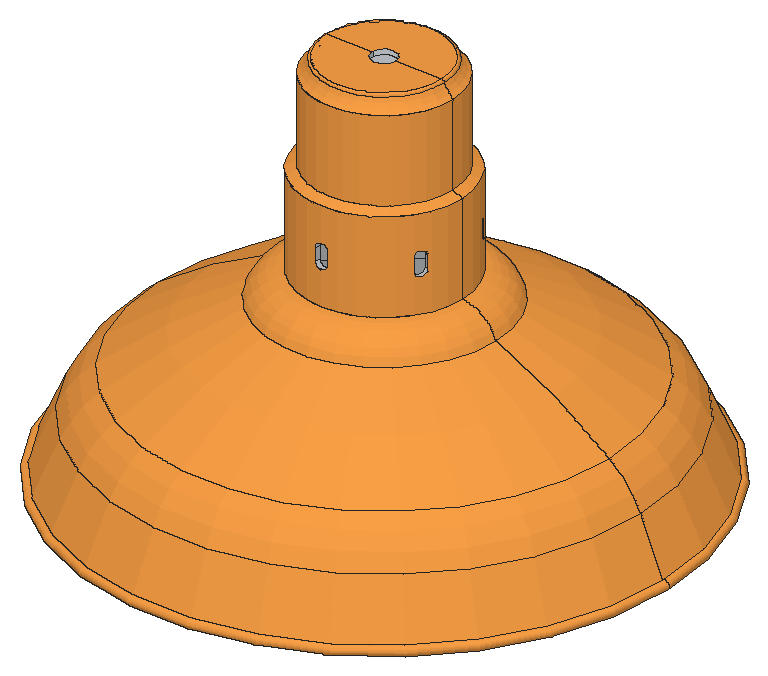
Revit family "V212 SHADE", category Lighting Fixtures, Revit 2024
Family settings
  Round Connector Dimension = Use Diameter
  Part Type = Normal
  OmniClass Number = 23.80.70.00
  OmniClass Title = Lighting
  Work Plane-Based = No
  Always vertical = Yes
  Cut with Voids When Loaded = No
  Light Source = Yes
  Maintain Annotation Orientation = No
  Shared = No
  Room Calculation Point = No
Parameters
  Wattage = 12.1178 W
  built-in parameter 1150110 = 1 (stored number, unit not read)
  built-in parameter 1114217 = 1 (stored number, unit not read)
  built-in parameter 1150109 = 1 (stored number, unit not read)
  built-in parameter 1150134 = (empty or 0)
  built-in parameter 1150113 = 1 (stored number, unit not read)
  Lumens = 1800 lm
  built-in parameter 1150115 = 1 (stored number, unit not read)
  built-in parameter 1150105 = 572.96 (stored number, unit not read)
  Light Source Symbol Size = 2' - 0"
  built-in parameter 1150137 = (empty or 0)
  built-in parameter 1150139 = (empty or 0)
  built-in parameter 1150112 = 1 (stored number, unit not read)
  built-in parameter 1150114 = 1 (stored number, unit not read)
  built-in parameter 1150132 = 2
  built-in parameter 1150102 = (empty or 0)
  built-in parameter 1150138 = (empty or 0)
  built-in parameter 1150107 = 3000 (stored number, unit not read)
  built-in parameter 1150106 = 5.7296 (stored number, unit not read)
  built-in parameter 1150104 = 13.8 (stored number, unit not read)
  Dimming Lamp Color Temperature Shift = (empty or 0)
  Default Elevation = 0' - 0"
  Color Filter = 16777215
  built-in parameter 1114218 = 1 (stored number, unit not read)
  built-in parameter 1150133 = 10 (stored number, unit not read)
Reference planes (in)
  plane 1 "Light Source Axis (F/B)": y = 0
  plane 2: z = 0
  plane 3 "Light Source Axis (L/R)": x = 0
  plane 4 "Light Source Elevation": z = 54
Forms (in)
  Revolve 1, solid
    sketch origin (0, 0, 0) x (1, 0, 0) y (0, 0, 1)
      loop
        line (-0.25, 62) -> (-1.21259, 62)
        arc (-1.21259, 62) -> (-1.24749, 61.9858) -> (-1.26257, 61.95128) r 0.05
        arc (-1.26257, 61.95128) -> (-1.33767, 61.81175) -> (-1.45, 61.7) r 0.54045
        line (-1.45, 61.7) -> (-1.45, 60) -> (-1.65, 59.9) -> (-1.65, 58)
        arc (-1.65, 58) -> (-2.08426, 57.83224) -> (-2.35, 57.45) r 0.79452
        arc (-2.35, 57.45) -> (-3.58768, 56.82976) -> (-4.7507, 56.07879) r 12.73122
        arc (-4.7507, 56.07879) -> (-5.13457, 55.7135) -> (-5.40903, 55.26023) r 2
        line (-5.40903, 55.26023) -> (-5.87906, 54.18347)
        arc (-5.87906, 54.18347) -> (-5.97933, 54.03503) -> (-5.81278, 54.10098) r 0.09375
        line (-5.81278, 54.10098) -> (-5.32311, 55.22272)
        arc (-5.32311, 55.22272) -> (-5.06151, 55.65475) -> (-4.69564, 56.00292) r 1.90625
        arc (-4.69564, 56.00292) -> (-3.52206, 56.75925) -> (-2.27221, 57.38151) r 12.63747
        arc (-2.27221, 57.38151) -> (-2.00818, 57.77233) -> (-1.55625, 57.90728) r 0.70077
        line (-1.55625, 57.90728) -> (-1.55625, 59.84206) -> (-1.35625, 59.94206) -> (-1.35625, 61.65499)
        arc (-1.35625, 61.65499) -> (-1.25234, 61.76974) -> (-1.17932, 61.90625) r 0.6342
        line (-1.17932, 61.90625) -> (-0.25, 61.90625) -> (-0.25, 62)
      axis (0, 62) -> (0, 54.10098)
    angle from 0 to 360
  Extrusion 2, void
    sketch origin (0, 0, 0) x (1, 0, 0) y (0, 0, 1)
      loop
        arc (0.125, 59.075) -> (0, 59.2) -> (-0.125, 59.075) r 0.125
        line (-0.125, 59.075) -> (-0.125, 58.825)
        arc (-0.125, 58.825) -> (0, 58.7) -> (0.125, 58.825) r 0.125
        line (0.125, 58.825) -> (0.125, 59.075)
    from 0 to 12
  Extrusion 3, void
    sketch origin (0, 0, 0) x (0.5, -0.866025, 0) y (0, 0, 1)
      loop
        arc (0.125, 59.075) -> (0, 59.2) -> (-0.125, 59.075) r 0.125
        line (-0.125, 59.075) -> (-0.125, 58.825)
        arc (-0.125, 58.825) -> (0, 58.7) -> (0.125, 58.825) r 0.125
        line (0.125, 58.825) -> (0.125, 59.075)
    from 0 to 12
  Extrusion 4, void
    sketch origin (0, 0, 0) x (0.5, 0.866025, 0) y (0, 0, 1)
      loop
        arc (0.125, 59.075) -> (0, 59.2) -> (-0.125, 59.075) r 0.125
        line (-0.125, 59.075) -> (-0.125, 58.825)
        arc (-0.125, 58.825) -> (0, 58.7) -> (0.125, 58.825) r 0.125
        line (0.125, 58.825) -> (0.125, 59.075)
    from 0 to 12
  Extrusion 5, void
    sketch origin (0, 0, 0) x (-0.5, 0.866025, 0) y (0, 0, 1)
      loop
        arc (0.125, 59.075) -> (0, 59.2) -> (-0.125, 59.075) r 0.125
        line (-0.125, 59.075) -> (-0.125, 58.825)
        arc (-0.125, 58.825) -> (0, 58.7) -> (0.125, 58.825) r 0.125
        line (0.125, 58.825) -> (0.125, 59.075)
    from 0 to 12
  Extrusion 6, void
    sketch origin (0, 0, 0) x (-1, 0, 0) y (0, 0, 1)
      loop
        arc (0.125, 59.075) -> (0, 59.2) -> (-0.125, 59.075) r 0.125
        line (-0.125, 59.075) -> (-0.125, 58.825)
        arc (-0.125, 58.825) -> (0, 58.7) -> (0.125, 58.825) r 0.125
        line (0.125, 58.825) -> (0.125, 59.075)
    from 0 to 12
  Extrusion 7, void
    sketch origin (0, 0, 0) x (-0.5, -0.866025, 0) y (0, 0, 1)
      loop
        arc (0.125, 59.075) -> (0, 59.2) -> (-0.125, 59.075) r 0.125
        line (-0.125, 59.075) -> (-0.125, 58.825)
        arc (-0.125, 58.825) -> (0, 58.7) -> (0.125, 58.825) r 0.125
        line (0.125, 58.825) -> (0.125, 59.075)
    from 0 to 12
Cuts and joins
  Extrusion 2, Extrusion 3, Extrusion 4, Extrusion 5, Extrusion 6, Extrusion 7 cuts Revolve 1
Dimensions and locks (in)
  aligned and locked: plane 3 "Light Source Axis (L/R)" to imposter light
  aligned and locked: plane 1 "Light Source Axis (F/B)" to imposter light
  aligned and locked: plane 4 "Light Source Elevation" to imposter light
  aligned and locked: level to plane 2
